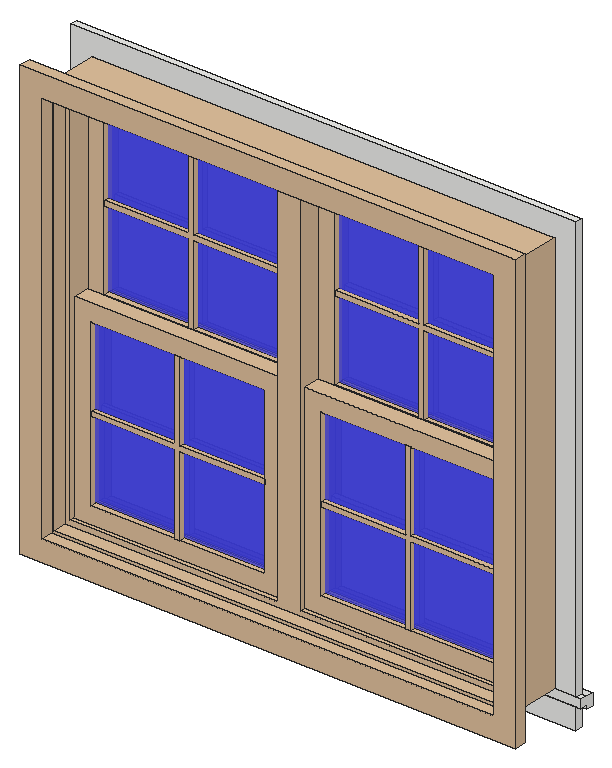
Revit family "633d05d5dc384c5d9b38a9e5c2119bdf", category Windows, host Wall, Revit 2021
Family settings
  Host = Wall
  OmniClass Number = 23.30.20.17.17.14
  OmniClass Title = Double-Hung Windows
  Always vertical = Yes
  Cut with Voids When Loaded = No
  Shared = No
  Room Calculation Point = No
Parameters (values of type "48" x 42"")
  Wall Thickness [instance] = 0' - 6"
  Window Inset [instance] = 0' - 0"
  Visual Light Transmittance = 0.81
  Top Muntin Visibility = yes
  Thermal Resistance (R) = 1.8146 (h·ft²·°F)/BTU
  Solar Heat Gain Coefficient = 0.76
  Muntin Width = 0.5 * (Width - 0' 6" - 0' 5 7/8")  # 1' - 6 1/16"
  Muntin Pattern = Muntin Pattern_2x2 : Muntin Pattern_2x2
  Muntin Height = 0.5 * (Height - 0' 6" - 0' 1 3/4")  # 1' - 5 1/8"
  Interior Wall Closure [instance] = 0' - 1 1/2"
  Interior Trim = Trim-Window-Interior-Flat : Picture Frame
  Rough Width = Width + 0' 0 1/2"  # 4' - 0 1/2"
  Rough Height = Height + 0' 0 1/2"  # 3' - 6 1/2"
  Interior Trim Material = Wood - Stained
  Indicator Visibility [instance] = yes
  Frame Extension [instance] = if(Exterior Trim Visibility, Window Inset + 0' 1 1/4", 0' 1 1/4")  # 0' - 1 1/4"
  Fire Rating = "0.5h"
  Exterior Wall Closure [instance] = 0' - 0 1/2"
  Exterior Trim Material = Clad - White
  Extension Jamb Visibility [instance] = and(Interior Trim Visibility, Wall Thickness - Window Inset > 0' 4 1/2")  # yes
  Interior Trim Visibility [instance] = yes
  Exterior Trim Visibility [instance] = yes
  Exterior Trim = Trim-Window-Exterior-Flat : with Sill
  Extension Jamb [instance] = if(Wall Thickness - Window Inset > 0' 4 1/2", Wall Thickness - Window Inset - 0' 4 1/2", 0' 1")  # 0' - 1 1/2"
  Define Thermal Properties by = Schematic Type
  Construction Type Id = "DG-DR"
  Heat Transfer Coefficient (U) = 0.5511 BTU/(h·ft²·°F)
  Bottom Muntin Visibility = yes
  Assembly Code = "B2020100"
  Glass Panel Material = Glass
  Height = 3' - 6"
  Exterior Frame Material = Clad - White
  Interior Frame Material = Wood - Stained
  Wall Closure = By host
  Width = 4' - 0"
  Analytic Construction = "Double glazing - domestic"
Reference planes (in)
  plane 1 "Center (Front/Back)": y = 0
  plane 2: z = 0
  plane 3 "Center (Left/Right)": x = 0
  plane 4 "Left": x = -24
  plane 5 "Right": x = 24
  plane 6 "Sill": z = 36
  plane 7 "Top": z = 78
  plane 8 "Wall Face": y = 3
  plane 9: y = -3
  plane 10 "Middle": z = 57
  plane 11: z = 76.75
  plane 12: z = 37.25
  plane 13: x = 22.75
  plane 14: x = -22.75
  plane 15: x = 21
  plane 16: x = -21
  plane 17: z = 39
  plane 18: z = 75
  plane 19 "Wall Closure": y = -1.5
  plane 20: z = 77.375
  plane 21 "Frame Face": y = 3.75
  plane 22 "Sash 2": y = -1
  plane 23 "Sash Face 1": y = 2.5
  plane 24 "Inset Face": y = 3
  plane 25 "Sash 1": y = 0.75
  plane 26 "Glass 1": y = 1.625
  plane 27: z = 57.875
  plane 28: z = 56.125
  plane 29 "Glass 2": y = -0.125
  plane 30: y = -1.5
  plane 31: x = -1.1875
  plane 32: x = 1.1875
  plane 33: x = 11.96875
  plane 34: x = -11.96875
  plane 35: z = 47.5625
  plane 36: x = -2.9375
  plane 37: x = 2.9375
  plane 38: z = 66.4375
  plane 39: y = -1.5
  plane 40: y = 2.5
  plane 41: y = 3.75
Forms (in)
  Extrusion 1, solid, material "Wood - Stained" <- "Interior Frame Material", visible <- "Extension Jamb Visibility"
    sketch origin (0, -0.25, 0) x (-1, 0, 0) y (0, 0, 1)
      loop
        line (24, 78) -> (-24, 78) -> (-24, 36) -> (24, 36) -> (24, 78)
      loop
        line (23.25, 77.25) -> (-23.25, 77.25) -> (-23.25, 36.75) -> (23.25, 36.75) -> (23.25, 77.25)
    from -2.75 to -1.25
  Sweep 2, solid, material "Wood - Stained" <- "Interior Frame Material"
    path origin (0, 2.5, 0) x (-1, 0, 0) y (0, 0, 1)
      loop
        line (-24, 36) -> (24, 36) -> (24, 78) -> (-24, 78) -> (-24, 36)
    profile origin (24, 2.5, 57) x (1, 0, 0) y (0, 1, 0)
      loop
        line (-1.25, 1.25) -> (-1.25, -4) -> (0, -4) -> (0, 1.25) -> (-1.25, 1.25)
  Sweep 3, solid, material "Wood - Stained" <- "Interior Frame Material"
    path origin (0, 2.5, 0) x (-1, 0, 0) y (0, 0, 1)
      loop
        line (-22.75, 56.125) -> (-1.1875, 56.125) -> (-1.1875, 76.75) -> (-22.75, 76.75) -> (-22.75, 56.125)
    profile origin (22.75, 2.5, 66.4375) x (1, 0, 0) y (0, 1, 0)
      loop
        line (0, 0) -> (-1.75, 0) -> (-1.75, -1.75) -> (0, -1.75) -> (0, 0)
  Sweep 4, solid, material "Wood - Stained" <- "Interior Frame Material"
    path origin (0, 0.75, 0) x (-1, 0, 0) y (0, 0, 1)
      loop
        line (-22.75, 37.25) -> (-1.1875, 37.25) -> (-1.1875, 57.875) -> (-22.75, 57.875) -> (-22.75, 37.25)
    profile origin (22.75, 0.75, 47.5625) x (1, 0, 0) y (0, 1, 0)
      loop
        line (0, 0) -> (-1.75, 0) -> (-1.75, -1.75) -> (0, -1.75) -> (0, 0)
  Extrusion 5, solid, material "Glass" <- "Glass Panel Material"
    sketch origin (0, 0, 36) x (0, -1, 0) y (1, 0, 0)
      loop
        line (-2, 2.9375) -> (-1.75, 2.9375) -> (-1.75, 21) -> (-2, 21) -> (-2, 2.9375)
      loop
        line (-1.5, 21) -> (-1.5, 2.9375) -> (-1.25, 2.9375) -> (-1.25, 21) -> (-1.5, 21)
    from 21.875 to 39
  Extrusion 6, solid, material "Glass" <- "Glass Panel Material"
    sketch origin (0, 0, 0) x (1, 0, 0) y (0, 1, 0)
      loop
        line (2.9375, 0.25) -> (2.9375, 0) -> (21, 0) -> (21, 0.25) -> (2.9375, 0.25)
      loop
        line (21, -0.25) -> (2.9375, -0.25) -> (2.9375, -0.5) -> (21, -0.5) -> (21, -0.25)
    from 39 to 56.125
  Extrusion 7, solid, material "Wood - Stained" <- "Interior Frame Material"
    sketch origin (0, 0, 0) x (1, 0, 0) y (0, 1, 0)
      loop
        line (-1.1875, 3.75) -> (-1.1875, -1.5) -> (1.1875, -1.5) -> (1.1875, 3.75) -> (-1.1875, 3.75)
    from 37.25 to 76.75
  Sweep 8, solid, material "Wood - Stained" <- "Interior Frame Material"
    path origin (0, 2.5, 0) x (1, 0, 0) y (0, 0, 1)
      loop
        line (-22.75, 56.125) -> (-1.1875, 56.125) -> (-1.1875, 76.75) -> (-22.75, 76.75) -> (-22.75, 56.125)
    profile origin (-22.75, 2.5, 66.4375) x (1, 0, 0) y (0, 1, 0)
      loop
        line (0, 0) -> (0, -1.75) -> (1.75, -1.75) -> (1.75, 0) -> (0, 0)
  Sweep 9, solid, material "Wood - Stained" <- "Interior Frame Material"
    path origin (0, 0.75, 0) x (1, 0, 0) y (0, 0, 1)
      loop
        line (-22.75, 37.25) -> (-1.1875, 37.25) -> (-1.1875, 57.875) -> (-22.75, 57.875) -> (-22.75, 37.25)
    profile origin (-22.75, 0.75, 47.5625) x (1, 0, 0) y (0, 1, 0)
      loop
        line (0, 0) -> (0, -1.75) -> (1.75, -1.75) -> (1.75, 0) -> (0, 0)
  Extrusion 10, solid, material "Glass" <- "Glass Panel Material"
    sketch origin (0, 0, 36) x (0, -1, 0) y (1, 0, 0)
      loop
        line (-2, -2.9375) -> (-2, -21) -> (-1.75, -21) -> (-1.75, -2.9375) -> (-2, -2.9375)
      loop
        line (-1.5, -21) -> (-1.25, -21) -> (-1.25, -2.9375) -> (-1.5, -2.9375) -> (-1.5, -21)
    from 21.875 to 39
  Extrusion 11, solid, material "Glass" <- "Glass Panel Material"
    sketch origin (0, 0, 0) x (-1, 0, 0) y (0, -1, 0)
      loop
        line (2.9375, -0.25) -> (21, -0.25) -> (21, 0) -> (2.9375, 0) -> (2.9375, -0.25)
      loop
        line (21, 0.25) -> (21, 0.5) -> (2.9375, 0.5) -> (2.9375, 0.25) -> (21, 0.25)
    from 39 to 56.125
Cuts and joins
  joined: Sweep 2, Extrusion 7
Lines and regions (in)
  Opening 1
    outline origin (-60, -3, 0) x (1, 0, 0) y (0, 0, 1)
      loop
        line (84, 78) -> (36, 78) -> (36, 36) -> (84, 36) -> (84, 78)
  Split face 1
    outline origin (2.9375, -1, 39) x (1, 0, 0) y (0, 1, 0)
      loop
        line (0, 1) -> (18.0625, 1)
  Split face 2
    outline origin (21, -1, 39) x (0, 0, 1) y (0, 1, 0)
      loop
        line (0, 1) -> (17.125, 1)
  Split face 3
    outline origin (2.9375, -1, 56.125) x (0, 0, -1) y (0, 1, 0)
      loop
        line (17.125, 1) -> (0, 1)
  Split face 4
    outline origin (21, -1, 56.125) x (0, 1, 0) y (-1, 0, 0)
      loop
        line (1, 0) -> (1, 18.0625)
  Split face 5
    outline origin (2.9375, 0.75, 57.875) x (1, 0, 0) y (0, 1, 0)
      loop
        line (18.0625, 0.75) -> (0, 0.75)
  Split face 6
    outline origin (2.9375, 0.75, 57.875) x (1, 0, 0) y (0, 1, 0)
      loop
        line (18.0625, 1) -> (0, 1)
  Split face 7
    outline origin (21, 0.75, 57.875) x (0, 0, 1) y (0, 1, 0)
      loop
        line (0, 1) -> (17.125, 1)
  Split face 8
    outline origin (2.9375, 0.75, 75) x (0, 0, -1) y (0, 1, 0)
      loop
        line (17.125, 1) -> (0, 1)
  Split face 9
    outline origin (21, 0.75, 75) x (0, 1, 0) y (-1, 0, 0)
      loop
        line (1, 0) -> (1, 18.0625)
  Split face 10
    outline origin (-2.9375, 0.75, 39) x (-1, 0, 0) y (0, -1, 0)
      loop
        line (0, 0.75) -> (18.0625, 0.75)
  Split face 11
    outline origin (-21, 0.75, 39) x (0, 0, 1) y (0, -1, 0)
      loop
        line (0, 0.75) -> (17.125, 0.75)
  Split face 12
    outline origin (-2.9375, 0.75, 56.125) x (0, 0, -1) y (0, -1, 0)
      loop
        line (17.125, 0.75) -> (0, 0.75)
  Split face 13
    outline origin (-21, 0.75, 56.125) x (0, -1, 0) y (1, 0, 0)
      loop
        line (0.75, 0) -> (0.75, 18.0625)
  Split face 14
    outline origin (-2.9375, 2.5, 57.875) x (-1, 0, 0) y (0, -1, 0)
      loop
        line (18.0625, 1) -> (0, 1)
  Split face 15
    outline origin (-2.9375, 2.5, 57.875) x (-1, 0, 0) y (0, -1, 0)
      loop
        line (18.0625, 0.75) -> (0, 0.75)
  Split face 16
    outline origin (-21, 2.5, 57.875) x (0, 0, 1) y (0, -1, 0)
      loop
        line (0, 0.75) -> (17.125, 0.75)
  Split face 17
    outline origin (-2.9375, 2.5, 75) x (0, 0, -1) y (0, -1, 0)
      loop
        line (17.125, 0.75) -> (0, 0.75)
  Split face 18
    outline origin (-21, 2.5, 75) x (0, -1, 0) y (1, 0, 0)
      loop
        line (0.75, 0) -> (0.75, 18.0625)
  Split face 19
    outline origin (22.75, -1.5, 37.25) x (0, 0, 1) y (0, 1, 0)
      loop
        line (39.5, 4) -> (18.875, 4) -> (18.875, 2.25) -> (0, 2.25)
  Split face 20
    outline origin (-1.1875, 3.75, 76.75) x (0, 0, -1) y (0, -1, 0)
      loop
        line (0, 1.25) -> (20.625, 1.25) -> (20.625, 3) -> (39.5, 3)
  Split face 21
    outline origin (1.1875, -1.5, 76.75) x (0, 0, -1) y (0, 1, 0)
      loop
        line (0, 4) -> (20.625, 4) -> (20.625, 2.25) -> (39.5, 2.25)
  Split face 22
    outline origin (-22.75, -1.5, 76.75) x (0, 0, -1) y (0, 1, 0)
      loop
        line (0, 4) -> (20.625, 4) -> (20.625, 2.25) -> (39.5, 2.25)
  Split face 23
    outline origin (-22.75, -1.5, 37.25) x (1, 0, 0) y (0, 1, 0)
      loop
        line (45.5, 2.25) -> (23.9375, 2.25)
      loop
        line (0, 2.25) -> (21.5625, 2.25)
  Split face 24
    outline origin (22.75, -1.5, 76.75) x (0, 1, 0) y (-1, 0, 0)
      loop
        line (4, 0) -> (4, 21.5625)
      loop
        line (4, 23.9375) -> (4, 45.5)
Text (in)
  text "EXTERIOR" at (-58.6888, 30.41546, 0), in view "Ref. Level"
  text "INTERIOR" at (-58.6888, -28.32711, 0), in view "Ref. Level"
  text "Exterior" at (0, 43.65631, 134.44969), in view "Left"
  text "Exterior" at (0, 18.29385, 125.04747), in view "Right"
Dimensions and locks (in)
  equal spacing: plane 4 "Left", plane 3 "Center (Left/Right)", plane 5 "Right"
  "Width": plane 4 "Left" to plane 5 "Right"
  equal spacing: plane 6 "Sill", plane 10 "Middle", plane 7 "Top"
  "Height": plane 7 "Top" to plane 6 "Sill"
  locked: plane 5 "Right" to plane 13 at 1.25
  locked: plane 14 to plane 4 "Left" at 1.25
  locked: plane 11 to plane 7 "Top" at 1.25
  locked: plane 6 "Sill" to plane 12 at 1.25
  locked: plane 15 to plane 13 at 1.75
  locked: plane 14 to plane 16 at 1.75
  locked: plane 18 to plane 11 at 1.75
  locked: plane 12 to plane 17 at 1.75
  "Wall Thickness": host wall to host wall
  locked: plane 7 "Top" to plane 20 at 0.625
  locked: plane 21 "Frame Face" to plane 8 "Wall Face" at 0.75
  locked: plane 23 "Sash Face 1" to plane 25 "Sash 1" at 1.75
  locked: plane 25 "Sash 1" to plane 22 "Sash 2" at 1.75
  equal spacing: plane 23 "Sash Face 1", plane 26 "Glass 1", plane 25 "Sash 1"
  equal spacing: plane 28, plane 10 "Middle", plane 27
  locked: plane 28 to plane 27 at 1.75
  locked: Extrusion 5 sketch curve to Extrusion 5 sketch curve at 0.25  (x3)
  equal spacing: Extrusion 5 sketch curve, plane 26 "Glass 1", Extrusion 5 sketch curve
  equal spacing: plane 25 "Sash 1", plane 29 "Glass 2", plane 22 "Sash 2"
  locked: Extrusion 6 sketch curve to Extrusion 6 sketch curve at 0.25  (x3)
  equal spacing: Extrusion 6 sketch curve, plane 29 "Glass 2", Extrusion 6 sketch curve
  locked: plane 22 "Sash 2" to plane 30 at 0.5
  "Extension Jamb": plane 19 "Wall Closure" to host wall
  equal spacing: plane 31, plane 3 "Center (Left/Right)", plane 32
  locked: plane 31 to plane 32 at 2.375
  locked: Extrusion 10 sketch curve to Extrusion 10 sketch curve at 0.25  (x2)
  Extrusion 10 sketch curve to Extrusion 10 sketch curve = 0' - 0 1/4"
  locked: Extrusion 11 sketch curve to Extrusion 11 sketch curve at 0.25  (x3)
  Extrusion 11 sketch curve to Extrusion 11 sketch curve = 0' - 0 1/4"
  equal spacing: Extrusion 10 sketch curve, plane 26 "Glass 1", Extrusion 10 sketch curve
  equal spacing: Extrusion 11 sketch curve, plane 29 "Glass 2", Split face 13
  locked: Extrusion 1 sketch curve to plane 7 "Top" at 0.75
  locked: Extrusion 1 sketch curve to plane 5 "Right" at 0.75
  locked: plane 6 "Sill" to Extrusion 1 sketch curve at 0.75
  locked: plane 4 "Left" to Extrusion 1 sketch curve at 0.75
  "Window Inset": plane 8 "Wall Face" to plane 24 "Inset Face"
  locked: plane 24 "Inset Face" to plane 23 "Sash Face 1" at 0.5
  equal spacing: plane 13, plane 33, plane 32
  equal spacing: plane 31, plane 34, plane 14
  equal spacing: plane 17, plane 35, plane 28
  locked: plane 31 to plane 36 at 1.75
  locked: plane 37 to plane 32 at 1.75
  equal spacing: plane 18, plane 38, plane 27
  "Interior Wall Closure": plane 39 to plane 9
  "Exterior Wall Closure": plane 8 "Wall Face" to plane 40
  "Frame Extension": plane 41 to plane 23 "Sash Face 1"
  aligned and locked: plane 9 to host wall
  aligned and locked: host wall to plane 8 "Wall Face"
  aligned and locked: Opening 1 sketch curve to plane 4 "Left"
  aligned and locked: Opening 1 sketch curve to plane 7 "Top"
  aligned and locked: plane 5 "Right" to Opening 1 sketch curve
  aligned and locked: Opening 1 sketch curve to plane 6 "Sill"
  aligned and locked: Extrusion 1 sketch curve to plane 7 "Top"
  aligned and locked: Extrusion 1 sketch curve to plane 4 "Left"
  aligned and locked: plane 5 "Right" to Extrusion 1 sketch curve
  aligned and locked: Extrusion 1 sketch curve to plane 6 "Sill"
  aligned and locked: Extrusion 1 to plane 19 "Wall Closure"
  aligned and locked: Sweep 2 sketch curve to host wall  (x3)
  aligned and locked: plane 5 "Right" to Sweep 2 sketch curve
  aligned and locked: plane 13 to Sweep 2 sketch curve
  aligned and locked: Sweep 3 sketch curve to plane 13
  aligned and locked: Sweep 3 sketch curve to plane 11
  aligned and locked: Sweep 3 sketch curve to plane 25 "Sash 1"
  aligned and locked: plane 28 to Sweep 3 sketch curve
  aligned and locked: Sweep 4 sketch curve to plane 27
  aligned and locked: Sweep 4 sketch curve to plane 13
  aligned and locked: plane 12 to Sweep 4 sketch curve
  aligned and locked: profile plane to Sweep 4 sketch curve
  aligned and locked: Sweep 4 sketch curve to profile plane
  aligned and locked: Sweep 4 sketch curve to plane 22 "Sash 2"
  aligned and locked: plane 15 to Sweep 4 sketch curve
  aligned and locked: plane 18 to Extrusion 5
  aligned and locked: plane 15 to Extrusion 6 sketch curve
  aligned and locked: Extrusion 6 sketch curve to plane 15
  aligned and locked: Extrusion 6 to plane 17
  aligned and locked: plane 28 to Extrusion 6
  aligned and locked: Extrusion 6 to Split face 1 sketch curve
  aligned and locked: Split face 2 sketch curve to Extrusion 6
  aligned and locked: Split face 3 sketch curve to Extrusion 6
  aligned and locked: Split face 4 sketch curve to Extrusion 6
  aligned and locked: plane 15 to Sweep 3 sketch curve
  aligned and locked: Extrusion 5 to plane 27
  aligned and locked: plane 15 to Extrusion 5 sketch curve
  aligned and locked: Extrusion 5 sketch curve to plane 15
  aligned and locked: Split face 6 sketch curve to Extrusion 5
  aligned and locked: Split face 7 sketch curve to Extrusion 5
  aligned and locked: Split face 8 sketch curve to Extrusion 5
  aligned and locked: Split face 9 sketch curve to Extrusion 5
  aligned and locked: Sweep 2 sketch curve to plane 30
  aligned and locked: Extrusion 1 to plane 9
  aligned and locked: nested 1 to plane 26 "Glass 1"
  aligned and locked: nested 2 to plane 29 "Glass 2"
  aligned and locked: nested 3 to plane 8 "Wall Face"
  aligned and locked: nested 3 to plane 4 "Left"
  aligned and locked: nested 3 to plane 5 "Right"
  aligned and locked: Extrusion 7 sketch curve to plane 31
  aligned and locked: plane 32 to Extrusion 7 sketch curve
  aligned and locked: plane 32 to Sweep 3 sketch curve
  aligned and locked: plane 32 to Sweep 4 sketch curve
  aligned and locked: Sweep 9 sketch curve to profile plane
  aligned and locked: Sweep 8 sketch curve to plane 28
  aligned and locked: plane 31 to Sweep 8 sketch curve
  aligned and locked: plane 11 to Sweep 8 sketch curve
  aligned and locked: Sweep 8 sketch curve to plane 14
  aligned and locked: plane 16 to Sweep 8 sketch curve
  aligned and locked: plane 14 to Sweep 8 sketch curve
  aligned and locked: Sweep 8 sketch curve to plane 23 "Sash Face 1"
  aligned and locked: plane 25 "Sash 1" to Sweep 8 sketch curve
  aligned and locked: plane 31 to Sweep 9 sketch curve
  aligned and locked: Sweep 9 sketch curve to plane 14
  aligned and locked: Sweep 9 sketch curve to plane 12
  aligned and locked: plane 27 to Sweep 9 sketch curve
  aligned and locked: plane 16 to Sweep 9 sketch curve
  aligned and locked: Sweep 9 sketch curve to Sweep 8
  aligned and locked: plane 22 "Sash 2" to Sweep 9 sketch curve
  aligned and locked: plane 16 to Extrusion 10 sketch curve
  aligned and locked: Extrusion 10 sketch curve to plane 16
  aligned and locked: plane 16 to Extrusion 11 sketch curve
  aligned and locked: Extrusion 11 sketch curve to plane 16
  aligned and locked: plane 26 "Glass 1" to nested 4
  aligned and locked: plane 29 "Glass 2" to nested 5
  aligned and locked: Extrusion 10 to plane 18
  aligned and locked: Extrusion 10 to plane 27
  aligned and locked: plane 17 to Extrusion 11
  aligned and locked: plane 28 to Extrusion 11
  aligned and locked: Extrusion 7 sketch curve to plane 30
  aligned and locked: Extrusion 10 sketch curve to Sweep 8
  aligned and locked: Sweep 8 to Extrusion 10 sketch curve
  aligned and locked: Sweep 3 to Extrusion 5 sketch curve
  aligned and locked: Extrusion 5 sketch curve to Sweep 3
  aligned and locked: Sweep 4 to Extrusion 6 sketch curve
  aligned and locked: Extrusion 6 sketch curve to Sweep 4
  aligned and locked: Extrusion 11 sketch curve to Sweep 9
  aligned and locked: Sweep 9 to Extrusion 11 sketch curve
  aligned and locked: plane 11 to cut or joined group of Sweep 2, Extrusion 7
  aligned and locked: cut or joined group of Sweep 2, Extrusion 7 to plane 12
  aligned and locked: plane 23 "Sash Face 1" to Split face 19 sketch curve
  aligned and locked: Split face 19 sketch curve to plane 28
  aligned and locked: plane 25 "Sash 1" to Split face 19 sketch curve
  aligned and locked: plane 25 "Sash 1" to Split face 20 sketch curve
  aligned and locked: Split face 20 sketch curve to plane 28
  aligned and locked: plane 23 "Sash Face 1" to Split face 20 sketch curve
  aligned and locked: Split face 21 sketch curve to plane 25 "Sash 1"
  aligned and locked: plane 28 to Split face 21 sketch curve
  aligned and locked: Split face 21 sketch curve to plane 23 "Sash Face 1"
  aligned and locked: Split face 22 sketch curve to plane 25 "Sash 1"
  aligned and locked: plane 28 to Split face 22 sketch curve
  aligned and locked: Split face 22 sketch curve to plane 23 "Sash Face 1"
  aligned and locked: Split face 23 sketch curve to plane 25 "Sash 1"  (x2)
  aligned and locked: plane 23 "Sash Face 1" to Split face 24 sketch curve
  aligned and locked: Split face 24 sketch curve to plane 23 "Sash Face 1"
  aligned and locked: plane 33 to nested 6
  aligned and locked: plane 35 to nested 6
  aligned and locked: plane 34 to nested 7
  aligned and locked: plane 35 to nested 7
  aligned and locked: nested 3 to plane 7 "Top"
  aligned and locked: nested 4 to plane 27
  aligned and locked: plane 27 to nested 1
  aligned and locked: nested 2 to plane 17
  aligned and locked: nested 5 to plane 17
  aligned and locked: plane 28 to nested 2
  aligned and locked: nested 2 to plane 15
  aligned and locked: plane 37 to nested 2
  aligned and locked: nested 5 to plane 28
  aligned and locked: plane 36 to nested 5
  aligned and locked: nested 5 to plane 16
  aligned and locked: nested 4 to plane 18
  aligned and locked: plane 36 to nested 4
  aligned and locked: nested 4 to plane 16
  aligned and locked: plane 18 to nested 1
  aligned and locked: plane 37 to nested 1
  aligned and locked: nested 1 to plane 15
  aligned and locked: nested 9 to plane 7 "Top"
  aligned and locked: plane 3 "Center (Left/Right)" to nested 9
  aligned and locked: nested 8 to plane 7 "Top"
  aligned and locked: nested 8 to plane 3 "Center (Left/Right)"
  aligned and locked: Sweep 2 sketch curve to plane 41
  aligned and locked: plane 41 to Extrusion 7 sketch curve
Automatic sketch dimensions
  Sweep 3 sketch curve to profile plane = 0' - 0"
  plane 23 "Sash Face 1" to Sweep 3 sketch curve = 0' - 0"
  Split face 1 sketch curve to Sweep 4 = 0' - 0"  (x2)
  Split face 2 sketch curve to Sweep 4 = 0' - 0"
  Sweep 4 to Split face 2 sketch curve = 0' - 0"
  Sweep 4 to Split face 3 sketch curve = 0' - 0"
  Split face 3 sketch curve to Sweep 4 = 0' - 0"
  Split face 4 sketch curve to Sweep 4 = 0' - 0"  (x2)
  Split face 5 sketch curve to Sweep 3 = 0' - 0"  (x2)
  Split face 5 sketch curve to Sweep 3 = 0' - 0 3/4"
  Split face 6 sketch curve to Sweep 3 = 0' - 0"  (x2)
  Split face 7 sketch curve to Sweep 3 = 0' - 0"
  Sweep 3 to Split face 7 sketch curve = 0' - 0"
  Sweep 3 to Split face 8 sketch curve = 0' - 0"
  Split face 8 sketch curve to Sweep 3 = 0' - 0"
  Split face 9 sketch curve to Sweep 3 = 0' - 0"  (x2)
  Split face 10 sketch curve to Sweep 9 = 0' - 0"  (x2)
  Split face 10 sketch curve to Sweep 9 = 0' - 0 3/4"
  Split face 11 sketch curve to Sweep 9 = 0' - 0"
  Sweep 9 to Split face 11 sketch curve = 0' - 0"
  Split face 11 sketch curve to Sweep 9 = 0' - 0 3/4"
  Sweep 9 to Split face 12 sketch curve = 0' - 0"
  Split face 12 sketch curve to Sweep 9 = 0' - 0"
  Split face 12 sketch curve to Sweep 9 = 0' - 0 3/4"
  Split face 13 sketch curve to Sweep 9 = 0' - 0"  (x2)
  Split face 13 sketch curve to Sweep 9 = 0' - 0 3/4"
  Split face 14 sketch curve to Sweep 8 = 0' - 0"  (x2)
  Split face 14 sketch curve to Sweep 8 = 0' - 0 3/4"
  Split face 15 sketch curve to Sweep 8 = 0' - 0"  (x2)
  Split face 15 sketch curve to Sweep 8 = 0' - 0 3/4"
  Split face 16 sketch curve to Sweep 8 = 0' - 0"
  Sweep 8 to Split face 16 sketch curve = 0' - 0"
  Split face 16 sketch curve to Sweep 8 = 0' - 0 3/4"
  Sweep 8 to Split face 17 sketch curve = 0' - 0"
  Split face 17 sketch curve to Sweep 8 = 0' - 0"
  Split face 17 sketch curve to Sweep 8 = 0' - 0 3/4"
  Split face 18 sketch curve to Sweep 8 = 0' - 0"  (x2)
  Split face 18 sketch curve to Sweep 8 = 0' - 0 3/4"
  Extrusion 10 sketch curve to plane 26 "Glass 1" = 0' - 0 1/8"
  Split face 19 sketch curve to cut or joined group of Sweep 2, Extrusion 7 = 0' - 0"
  cut or joined group of Sweep 2, Extrusion 7 to Split face 19 sketch curve = 0' - 0"
  cut or joined group of Sweep 2, Extrusion 7 to Split face 20 sketch curve = 0' - 0"
  Split face 20 sketch curve to cut or joined group of Sweep 2, Extrusion 7 = 0' - 0"
  cut or joined group of Sweep 2, Extrusion 7 to Split face 21 sketch curve = 0' - 0"
  Split face 21 sketch curve to cut or joined group of Sweep 2, Extrusion 7 = 0' - 0"
  cut or joined group of Sweep 2, Extrusion 7 to Split face 22 sketch curve = 0' - 0"
  Split face 22 sketch curve to cut or joined group of Sweep 2, Extrusion 7 = 0' - 0"
  Split face 23 sketch curve to cut or joined group of Sweep 2, Extrusion 7 = 0' - 0"  (x4)
  Split face 24 sketch curve to cut or joined group of Sweep 2, Extrusion 7 = 0' - 0"  (x4)
  Sweep 2 sketch curve to plane 7 "Top" = 0' - 0"
Nested families (in)
  nested 1: "Muntin Pattern_2x2" at (11.96875, 1.625, 57.875), Exterior Material <- "Exterior Frame Material", Interior Material <- "Interior Frame Material", type <- "Muntin Pattern", visible <- "Top Muntin Visibility", type "Muntin Pattern_2x2"
    with Width 1' - 6 1/16", Interior Material Wood - Stained, Height 1' - 5 1/8", Exterior Material Clad - White
  nested 2: "Muntin Pattern_2x2" at (11.96875, -0.125, 39), Exterior Material <- "Exterior Frame Material", Interior Material <- "Interior Frame Material", type <- "Muntin Pattern", visible <- "Bottom Muntin Visibility", type "Muntin Pattern_2x2"
    with Width 1' - 6 1/16", Interior Material Wood - Stained, Height 1' - 5 1/8", Exterior Material Clad - White
  nested 3: "Plan-Single-Hung-Double" at (0, 3, 36), Window Inset <- "Window Inset", Width <- "Width", Height <- "Height", Wall Thickness <- "Wall Thickness", type "Plan-Single-Hung-Double"
    with Window Inset of 3D 0' - 0 1/2", Window Inset 0' - 0", Width 4' - 0", Wall Thickness 0' - 6", Height 3' - 6"
  nested 4: "Muntin Pattern_2x2" at (-11.96875, 1.625, 57.875) x (-1, 0, 0) z (0, 0, 1), Exterior Material <- "Exterior Frame Material", Interior Material <- "Interior Frame Material", type <- "Muntin Pattern", visible <- "Top Muntin Visibility", type "Muntin Pattern_2x2"
    with Width 1' - 6 1/16", Interior Material Wood - Stained, Height 1' - 5 1/8", Exterior Material Clad - White
  nested 5: "Muntin Pattern_2x2" at (-11.96875, -0.125, 39) x (-1, 0, 0) z (0, 0, 1), Exterior Material <- "Exterior Frame Material", Interior Material <- "Interior Frame Material", type <- "Muntin Pattern", visible <- "Bottom Muntin Visibility", type "Muntin Pattern_2x2"
    with Width 1' - 6 1/16", Interior Material Wood - Stained, Height 1' - 5 1/8", Exterior Material Clad - White
  nested 6: "Filled Arrow" at (11.96875, 0.75, 47.5625) x (0, 0, 1) z (0, 1, 0), visible <- "Indicator Visibility", type "Filled Arrow"
  nested 7: "Filled Arrow" at (-11.96875, 0.75, 47.5625) x (0, 0, 1) z (0, 1, 0), visible <- "Indicator Visibility", type "Filled Arrow"
  nested 8: "Trim-Window-Exterior-Flat" at (0, 3, 78) x (-1, 0, 0) z (0, 1, 0), visible <- "Exterior Trim Visibility", Trim Material <- "Exterior Trim Material", Opening Width <- "Width", Opening Height <- "Height", type <- "Exterior Trim", type "with Sill"
    with Trim Material Clad - White, Opening Width 4' - 0", Opening Height 3' - 6"
  nested 9: "Trim-Window-Interior-Flat" at (0, -3, 78) x (1, 0, 0) z (0, -1, 0), visible <- "Interior Trim Visibility", Trim Material <- "Interior Trim Material", Opening Width <- "Width", Opening Height <- "Height", type <- "Interior Trim", type "Picture Frame"
    with Trim Material Wood - Stained, Opening Width 4' - 0", Opening Height 3' - 6"
Definition of nested family "Muntin Pattern_2x2"
  Parameters (values of type "Muntin Pattern_2x2")
    Width [instance] = 4' - 0"
    Thickness = 0' - 0 1/2"
    Height [instance] = 4' - 0"
    Interior Material [instance] = none
    Exterior Material [instance] = none
    Distance = 0' - 0 3/4"
    Default Elevation = 0' - 0"
  Reference planes (in)
    plane 1 "Center (Front/Back)": y = 0
    plane 2: z = 0
    plane 3 "Center (Left/Right)": x = 0
    plane 4: z = 48
    plane 5: x = -24
    plane 6: x = 24
    plane 7: z = 24
    plane 8: y = 0.375
    plane 9: y = 0.875
    plane 10: y = -0.375
    plane 11: y = -0.875
  Forms (in)
    Extrusion 1, solid, material <- "Interior Material", detail levels fine
      sketch origin (0, 0, 0) x (1, 0, 0) y (0, 0, 1)
        loop
          line (-24, 24.25) -> (-24, 23.75) -> (-0.25, 23.75) -> (-0.25, 0) -> (0.25, 0) -> (0.25, 23.75) -> (24, 23.75) -> (24, 24.25) -> (0.25, 24.25) -> (0.25, 48) -> (-0.25, 48) -> (-0.25, 24.25) -> (-24, 24.25)
      from 0.375 to 0.875
    Extrusion 2, solid, material <- "Exterior Material", detail levels fine
      sketch origin (0, 0, 0) x (1, 0, 0) y (0, 0, -1)
        loop
          line (-24, -24.25) -> (-0.25, -24.25) -> (-0.25, -48) -> (0.25, -48) -> (0.25, -24.25) -> (24, -24.25) -> (24, -23.75) -> (0.25, -23.75) -> (0.25, 0) -> (-0.25, 0) -> (-0.25, -23.75) -> (-24, -23.75) -> (-24, -24.25)
      from 0.375 to 0.875
  Lines and regions (in)
    model lines, detail levels medium
      curve 1: line (0, 0.375, 48) -> (0, 0.375, 0)
      curve 2: line (-24, -0.375, 24) -> (24, -0.375, 24)
      curve 3: line (-24, 0.375, 24) -> (24, 0.375, 24)
      curve 4: line (0, -0.375, 48) -> (0, -0.375, 0)
  Dimensions and locks (in)
    equal spacing: plane 6, plane 3 "Center (Left/Right)", plane 5
    "Width": plane 6 to plane 5
    "Height": plane 4 to plane 2
    equal spacing: plane 4, plane 7, plane 2
    locked: plane 3 "Center (Left/Right)" to Extrusion 1 sketch curve at 0.25  (x4)
    locked: Extrusion 1 sketch curve to plane 7 at 0.25  (x2)
    locked: plane 7 to Extrusion 1 sketch curve at 0.25  (x2)
    "Thickness": plane 9 to plane 8
    "Thickness": plane 10 to plane 11
    "Distance": plane 8 to plane 10
    equal spacing: plane 8, plane 1 "Center (Front/Back)", plane 10
    aligned and locked: plane 2 to level
    aligned and locked: plane 4 to curve 1
    aligned and locked: plane 5 to curve 2
    aligned and locked: plane 2 to curve 1
    aligned and locked: plane 6 to curve 2
    aligned and locked: Extrusion 1 sketch curve to plane 4
    aligned and locked: Extrusion 1 sketch curve to plane 6
    aligned and locked: Extrusion 1 sketch curve to plane 5
    aligned and locked: Extrusion 1 sketch curve to level
    aligned and locked: Extrusion 1 to plane 11
    aligned and locked: plane 10 to Extrusion 1
    aligned and locked: Extrusion 2 to plane 5
    aligned and locked: plane 6 to Extrusion 2
    aligned and locked: Extrusion 2 to plane 8
    aligned and locked: plane 9 to Extrusion 2
    aligned and locked: Extrusion 2 to plane 2
    aligned and locked: plane 4 to Extrusion 2
    aligned and locked: plane 5 to curve 3
    aligned and locked: plane 6 to curve 3
    aligned and locked: plane 4 to curve 4
    aligned and locked: plane 2 to curve 4
    aligned and locked: plane 8 to curve 3
  Automatic sketch dimensions
    curve 2 to plane 7 = 0' - 0"
    Extrusion 2 sketch curve to plane 5 = 0' - 0"
    Extrusion 2 sketch curve to level = 0' - 0"
    Extrusion 2 sketch curve to plane 4 = 0' - 0"
    Extrusion 2 sketch curve to plane 6 = 0' - 0"
    Extrusion 2 sketch curve to plane 3 "Center (Left/Right)" = 0' - 0 1/4"  (x2)
    plane 3 "Center (Left/Right)" to Extrusion 2 sketch curve = 0' - 0 1/4"  (x2)
    plane 7 to Extrusion 2 sketch curve = 0' - 0 1/4"  (x2)
    Extrusion 2 sketch curve to plane 7 = 0' - 0 1/4"  (x2)
    curve 4 to plane 3 "Center (Left/Right)" = 0' - 0"
    curve 4 to level = 0' - 0"
    curve 4 to plane 4 = 0' - 0"
    curve 3 to plane 6 = 0' - 0"
    curve 1 to plane 3 "Center (Left/Right)" = 0' - 0"
    curve 3 to plane 5 = 0' - 0"
    curve 3 to plane 7 = 0' - 0"
Definition of nested family "Trim-Window-Exterior-Flat"
  Parameters (values of type "with Sill")
    Trim Width = 0' - 2 1/4"
    Trim Thickness_Picture Frame = 0' - 1 1/4"
    Trim Thickness_with Sill = 0' - 0 3/4"
    Trim Material [instance] = none
    Sill Thickness = 0' - 1 1/4"
    Sill = yes
    Picture Frame = no
    Opening Width [instance] = 2' - 0"
    Opening Height [instance] = 3' - 0"
    Default Elevation = 4' - 0"
  Types (2): name | Sill | Picture Frame
    with Sill | yes | no
    Picture Frame | no | yes
  Reference planes (in)
    plane 1 "Center (Front/Back)": y = 0
    plane 2: z = 0
    plane 3 "Center (Left/Right)": x = 0
    plane 4: y = 2.25
    plane 5 "Left": x = -12
    plane 6 "Right": x = 12
    plane 7 "Bottom": y = -36
    plane 8: y = -37.25
    plane 9: y = -39.12332
    plane 10: x = 14.25
    plane 11: x = -14.25
    plane 12: z = 0.75
    plane 13: z = 1.25
    plane 14: x = 14.75
    plane 15: x = -14.75
    plane 16: y = -36.87332
    plane 17: y = -38.25
    plane 18: z = 0.5
    plane 19: y = -18
    plane 20: z = 1.5
  Forms (in)
    Extrusion 1, solid
      sketch origin (0, 0, 0) x (1, 0, 0) y (0, 1, 0)
        loop
          line (-14.25, 2.25) -> (-14.25, -39.12332) -> (14.25, -39.12332) -> (14.25, 2.25) -> (-14.25, 2.25)
      from 0 to -12
    Extrusion 2, solid, material <- "Trim Material", visible <- "Sill"
      sketch origin (0, 0, 0) x (1, 0, 0) y (0, 1, 0)
        loop
          line (-14.25, -36) -> (-12, -36) -> (-12, 0) -> (12, 0) -> (12, -36) -> (14.25, -36) -> (14.25, 2.25) -> (-14.25, 2.25) -> (-14.25, -36)
      from 0 to 0.75
    Extrusion 3, solid, material <- "Trim Material", visible <- "Sill"
      sketch origin (0, 0, 0) x (0, 1, 0) y (0, 0, 1)
        loop
          line (-36.09677, 1.5) -> (-37.25, 1.5) -> (-37.25, 0.75) -> (-36.87332, 0.75) -> (-36.87332, 0) -> (-36, 0) -> (-36, 0.75) -> (-36.09677, 1.5)
      from -14.75 to 14.75
    Extrusion 4, solid, material <- "Trim Material", visible <- "Sill"
      sketch origin (0, 0, 0) x (1, 0, 0) y (0, 1, 0)
        loop
          line (-14.25, -36.87332) -> (-14.25, -39.12332) -> (14.25, -39.12332) -> (14.25, -36.87332) -> (-14.25, -36.87332)
      from 0 to 0.75
    Extrusion 5, solid, material <- "Trim Material", visible <- "Picture Frame"
      sketch origin (0, 0, 0) x (1, 0, 0) y (0, 1, 0)
        loop
          line (-12, 0) -> (-12, -36) -> (12, -36) -> (12, 0) -> (-12, 0)
        loop
          line (-14.25, 2.25) -> (-14.25, -38.25) -> (14.25, -38.25) -> (14.25, 2.25) -> (-14.25, 2.25)
      from 0 to 1.25
  Dimensions and locks (in)
    equal spacing: plane 5 "Left", plane 3 "Center (Left/Right)", plane 6 "Right"
    "Opening Width": plane 5 "Left" to plane 6 "Right"
    "Opening Height": plane 7 "Bottom" to plane 1 "Center (Front/Back)"
    "Sill Thickness": plane 7 "Bottom" to plane 8
    "Trim Width": plane 11 to plane 5 "Left"
    "Trim Width": plane 6 "Right" to plane 10
    "Trim Width": plane 1 "Center (Front/Back)" to plane 4
    locked: plane 15 to plane 11 at 0.5
    locked: plane 10 to plane 14 at 0.5
    locked: plane 16 to plane 8 at 0.37668
    "Trim Width": plane 9 to plane 16
    "Trim Width": plane 17 to plane 7 "Bottom"
    locked: plane 18 to plane 2 at 0.5
    equal spacing: plane 7 "Bottom", plane 19, plane 1 "Center (Front/Back)"
    locked: plane 20 to plane 12 at 0.75
    "Trim Thickness_with Sill": plane 12 to plane 2
    "Trim Thickness_Picture Frame": plane 13 to plane 2
    aligned and locked: plane 2 to Extrusion 1
    aligned and locked: level to Extrusion 1
    aligned and locked: Extrusion 2 sketch curve to plane 5 "Left"
    aligned and locked: Extrusion 2 sketch curve to plane 11
    aligned and locked: plane 7 "Bottom" to Extrusion 2 sketch curve  (x2)
    aligned and locked: plane 1 "Center (Front/Back)" to Extrusion 2 sketch curve
    aligned and locked: plane 10 to Extrusion 2 sketch curve
    aligned and locked: Extrusion 2 sketch curve to plane 6 "Right"
    aligned and locked: plane 12 to Extrusion 2
    aligned and locked: Extrusion 3 sketch curve to level
    aligned and locked: plane 7 "Bottom" to Extrusion 3 sketch curve
    aligned and locked: Extrusion 3 sketch curve to plane 8
    aligned and locked: plane 15 to Extrusion 3
    aligned and locked: Extrusion 3 to plane 14
    aligned and locked: plane 10 to Extrusion 4 sketch curve
    aligned and locked: Extrusion 4 sketch curve to plane 11
    aligned and locked: plane 16 to Extrusion 4 sketch curve
    aligned and locked: plane 9 to Extrusion 4 sketch curve
    aligned and locked: Extrusion 4 to Extrusion 2
    aligned and locked: Extrusion 2 sketch curve to plane 4
    aligned and locked: plane 1 "Center (Front/Back)" to Extrusion 5 sketch curve
    aligned and locked: Extrusion 5 sketch curve to plane 4
    aligned and locked: Extrusion 5 sketch curve to plane 17
    aligned and locked: plane 7 "Bottom" to Extrusion 5 sketch curve
    aligned and locked: Extrusion 5 sketch curve to plane 6 "Right"
    aligned and locked: plane 10 to Extrusion 5 sketch curve
    aligned and locked: Extrusion 5 sketch curve to plane 5 "Left"
    aligned and locked: Extrusion 5 sketch curve to plane 11
    aligned and locked: plane 13 to Extrusion 5
    aligned and locked: plane 20 to Extrusion 3
  Automatic sketch dimensions
    Extrusion 1 sketch curve to Extrusion 1 sketch curve = 2' - 4 1/2"
    Extrusion 1 sketch curve to Extrusion 1 sketch curve = 3' - 5.37332"
    Extrusion 3 sketch curve to plane 16 = 0' - 0"
    Extrusion 3 sketch curve to plane 12 = 0' - 0"  (x2)
    Extrusion 3 sketch curve to plane 7 "Bottom" = 0' - 0.09677"
    plane 13 to Extrusion 3 sketch curve = 0' - 0 1/4"
Definition of nested family "Trim-Window-Interior-Flat"
  Parameters (values of type "with Sill")
    Trim Thickness_Picture Frame = 0' - 1 1/4"
    Trim Width = 0' - 2 1/4"
    Trim Thickness_with Sill = 0' - 0 3/4"
    Trim Material [instance] = none
    Sill Thickness = 0' - 1 1/4"
    Sill = yes
    Picture Frame = no
    Opening Width [instance] = 2' - 0"
    Opening Height [instance] = 3' - 0"
    Default Elevation = 4' - 0"
  Types (2): name | Sill | Picture Frame
    with Sill | yes | no
    Picture Frame | no | yes
  Reference planes (in)
    plane 1 "Center (Front/Back)": y = 0
    plane 2: z = 0
    plane 3 "Center (Left/Right)": x = 0
    plane 4: y = 1.75
    plane 5 "Left": x = -12
    plane 6 "Right": x = 12
    plane 7 "Bottom": y = -36
    plane 8: y = -37.25
    plane 9: y = -39.12332
    plane 10: x = 13.75
    plane 11: x = -13.75
    plane 12: z = 0.75
    plane 13: z = 1.25
    plane 14: x = 14.25
    plane 15: x = -14.25
    plane 16: y = -36.87332
    plane 17: y = -37.75
    plane 18: z = 0.5
    plane 19: x = -11.5
    plane 20: y = -0.5
    plane 21: x = 11.5
    plane 22: y = -35.5
    plane 23: x = -13.25
    plane 24: x = 13.25
    plane 25: y = -18
  Forms (in)
    Extrusion 1, solid
      sketch origin (0, 0, 0) x (1, 0, 0) y (0, 1, 0)
        loop
          line (-13.75, 1.75) -> (-13.75, -37.75) -> (13.75, -37.75) -> (13.75, 1.75) -> (-13.75, 1.75)
      from 0 to -12
    Extrusion 2, solid, material <- "Trim Material", visible <- "Sill"
      sketch origin (0, 0, 0) x (1, 0, 0) y (0, 1, 0)
        loop
          line (-13.25, -36) -> (-11.5, -36) -> (-11.5, 0) -> (11.5, 0) -> (11.5, -36) -> (13.25, -36) -> (13.25, 1.75) -> (-13.25, 1.75) -> (-13.25, -36)
      from 0 to 0.75
    Extrusion 3, solid, material <- "Trim Material", visible <- "Sill"
      sketch origin (0, 0, 0) x (0, 1, 0) y (0, 0, 1)
        loop
          line (-36.5, 1.5) -> (-36.87332, 1.5) -> (-36.87332, 0) -> (-36, 0) -> (-36, 1)
          arc (-36, 1) -> (-36.14645, 1.35355) -> (-36.5, 1.5) r 0.5
      from -13.75 to 13.75
    Extrusion 4, solid, material <- "Trim Material", visible <- "Sill"
      sketch origin (0, 0, 0) x (1, 0, 0) y (0, 1, 0)
        loop
          line (-13.25, -36.87332) -> (-13.25, -39.12332) -> (13.25, -39.12332) -> (13.25, -36.87332) -> (-13.25, -36.87332)
      from 0 to 0.75
    Extrusion 5, solid, material <- "Trim Material", visible <- "Picture Frame"
      sketch origin (0, 0, 0) x (1, 0, 0) y (0, 1, 0)
        loop
          line (-11.5, -0.5) -> (-11.5, -35.5) -> (11.5, -35.5) -> (11.5, -0.5) -> (-11.5, -0.5)
        loop
          line (-13.75, 1.75) -> (-13.75, -37.75) -> (13.75, -37.75) -> (13.75, 1.75) -> (-13.75, 1.75)
      from 0 to 1.25
  Dimensions and locks (in)
    equal spacing: plane 5 "Left", plane 3 "Center (Left/Right)", plane 6 "Right"
    "Opening Width": plane 5 "Left" to plane 6 "Right"
    "Opening Height": plane 7 "Bottom" to plane 1 "Center (Front/Back)"
    "Sill Thickness": plane 7 "Bottom" to plane 8
    "Trim Width": plane 11 to plane 19
    "Trim Width": plane 21 to plane 10
    "Trim Width": plane 20 to plane 4
    "Trim Thickness_with Sill": plane 12 to plane 2
    locked: plane 15 to plane 11 at 0.5
    locked: plane 10 to plane 14 at 0.5
    locked: plane 16 to plane 8 at 0.37668
    "Trim Width": plane 9 to plane 16
    "Trim Width": plane 17 to plane 22
    plane 20 to plane 1 "Center (Front/Back)" = 0' - 0 1/2"
    plane 5 "Left" to plane 19 = 0' - 0 1/2"
    plane 21 to plane 6 "Right" = 0' - 0 1/2"
    plane 22 to plane 7 "Bottom" = 0' - 0 1/2"
    locked: plane 11 to plane 23 at 0.5
    locked: plane 24 to plane 10 at 0.5
    equal spacing: plane 7 "Bottom", plane 25, plane 1 "Center (Front/Back)"
    "Trim Thickness_Picture Frame": plane 13 to plane 2
    locked: Extrusion 3 to plane 12 at 0.75
    locked: plane 12 to Extrusion 3 sketch curve at 0.75
    radius of Extrusion 3 sketch curve = 0' - 0 1/2"
    aligned and locked: plane 2 to Extrusion 1
    aligned and locked: level to Extrusion 1
    aligned and locked: plane 7 "Bottom" to Extrusion 2 sketch curve  (x2)
    aligned and locked: plane 1 "Center (Front/Back)" to Extrusion 2 sketch curve
    aligned and locked: plane 12 to Extrusion 2
    aligned and locked: Extrusion 3 sketch curve to level
    aligned and locked: plane 7 "Bottom" to Extrusion 3 sketch curve
    aligned and locked: plane 16 to Extrusion 4 sketch curve
    aligned and locked: plane 9 to Extrusion 4 sketch curve
    aligned and locked: Extrusion 2 sketch curve to plane 4
    aligned and locked: Extrusion 5 sketch curve to plane 4
    aligned and locked: Extrusion 5 sketch curve to plane 17
    aligned and locked: plane 10 to Extrusion 5 sketch curve
    aligned and locked: Extrusion 5 sketch curve to plane 11
    aligned and locked: plane 13 to Extrusion 5
    aligned and locked: Extrusion 5 sketch curve to plane 20
    aligned and locked: Extrusion 5 sketch curve to plane 19
    aligned and locked: Extrusion 5 sketch curve to plane 21
    aligned and locked: plane 22 to Extrusion 5 sketch curve
    aligned and locked: Extrusion 4 to plane 24
    aligned and locked: plane 11 to Extrusion 3
    aligned and locked: Extrusion 3 to plane 10
    aligned and locked: Extrusion 2 sketch curve to plane 21
    aligned and locked: Extrusion 2 sketch curve to plane 24
    aligned and locked: Extrusion 2 sketch curve to plane 19
    aligned and locked: Extrusion 2 sketch curve to plane 23
    aligned and locked: plane 12 to Extrusion 4
  Automatic sketch dimensions
    Extrusion 1 sketch curve to Extrusion 1 sketch curve = 2' - 3 1/2"
    Extrusion 1 sketch curve to Extrusion 1 sketch curve = 3' - 3 1/2"
    Extrusion 3 sketch curve to plane 16 = 0' - 0"
    Extrusion 4 sketch curve to plane 11 = 0' - 0 1/2"
    Extrusion 4 sketch curve to plane 24 = 0' - 0"
Definition of nested family "Plan-Single-Hung-Double"
  Parameters (values of type "Plan-Single-Hung-Double")
    Window Inset [instance] = 0' - 0"
    Window Inset of 3D [instance] = if(Window Inset = 0' 0", 0' 0 1/2", if(Window Inset < Wall Thickness - 0' 3 1/2", Window Inset + 0' 0 1/2", Wall Thickness - 0' 3 1/2"))  # 0' - 0 1/2"
    Width [instance] = 4' - 0"
    Wall Thickness [instance] = 0' - 6"
    Height [instance] = 3' - 0"
    Default Elevation = 4' - 0"
    Analytic Construction = "<None>"
  Reference planes (in)
    plane 1 "Center (Front/Back)": y = 0
    plane 2: z = 0
    plane 3 "Center (Left/Right)": x = 0
    plane 4: x = -24
    plane 5: x = 24
    plane 6 "Jamb": y = -4
    plane 7: x = -22.75
    plane 8: y = -0.5
    plane 9: y = -2.25
    plane 10: y = -1.375
    plane 11: x = -21
    plane 12: x = 22.75
    plane 13: x = 21
    plane 14 "Window Inset": y = -1
    plane 15 "Wall": y = -6
    plane 16: z = 36
    plane 17: z = 34.75
    plane 18: z = 1.25
    plane 19: z = 33
    plane 20: z = 3
    plane 21: z = 18
    plane 22: z = 17.125
    plane 23: z = 18.875
    plane 24: y = -3.125
    plane 25: x = -1.1875
    plane 26: x = 1.1875
  Lines and regions (in)
    Masking region 1
      outline origin (0, 0.75, 0) x (1, 0, 0) y (0, 1, 0)
        loop
          line (-24, -6.75) -> (24, -6.75) -> (24, -0.75) -> (-24, -0.75) -> (-24, -6.75)
    Masking region 2
      outline origin (0, 0, 0) x (0, 1, 0) y (0, 0, 1)
        loop
          line (-6, 36) -> (-6, 0) -> (0, 0) -> (0, 36) -> (-6, 36)
    symbolic lines
      curve 1: line (-22.75, -2.25, 0) -> (-21, -2.25, 0)
      curve 2: line (-22.75, -0.5, 0) -> (-22.75, -4, 0)
      curve 3: line (-24, -0.5, 0) -> (-21, -0.5, 0)
      curve 4: line (-21, -0.5, 0) -> (-21, -2.25, 0)
      curve 5: line (-21, -1.375, 0) -> (-1.1875, -1.375, 0)
      curve 6: line (22.75, -2.25, 0) -> (21, -2.25, 0)
      curve 7: line (22.75, -0.5, 0) -> (22.75, -4, 0)
      curve 8: line (21, -0.5, 0) -> (21, -2.25, 0)
      curve 9: line (-24, -4, 0) -> (-22.75, -4, 0)
      curve 10: line (22.75, -4, 0) -> (24, -4, 0)
      curve 11: line (0, -0.5, 34.75) -> (0, -4, 34.75)
      curve 12: line (0, -4, 0) -> (0, -4, 3)
      curve 13: line (0, -0.5, 1.25) -> (0, -4, 1.25)
      curve 14: line (0, -0.5, 36) -> (0, -0.5, 33)
      curve 15: line (0, -0.5, 33) -> (0, -2.25, 33)
      curve 16: line (0, -4, 3) -> (0, -2.25, 3)
      curve 17: line (0, -1.375, 18.875) -> (0, -1.375, 33)
      curve 18: line (0, -2.25, 34.75) -> (0, -2.25, 33)
      curve 19: line (21, -0.5, 0) -> (24, -0.5, 0)
      curve 20: line (0, -4, 34.75) -> (0, -4, 36)
      curve 21: line (0, -0.5, 1.25) -> (0, -0.5, 0)
      curve 22: line (0, -2.25, 3) -> (0, -2.25, 1.25)
      curve 23: line (0, -4, 18.875) -> (0, -0.5, 18.875)
      curve 24: line (0, -4, 17.125) -> (0, -4, 18.875)
      curve 25: line (0, -0.5, 17.125) -> (0, -4, 17.125)
      curve 26: line (0, -0.5, 18.875) -> (0, -0.5, 17.125)
      curve 27: line (0, -2.25, 18.875) -> (0, -2.25, 17.125)
      curve 28: line (0, -3.125, 17.125) -> (0, -3.125, 3)
      curve 29: line (-1.1875, -0.5, 0) -> (1.1875, -0.5, 0)
      curve 30: line (-1.1875, -2.25, 0) -> (-1.1875, -0.5, 0)
      curve 31: line (1.1875, -2.25, 0) -> (-1.1875, -2.25, 0)
      curve 32: line (1.1875, -0.5, 0) -> (1.1875, -2.25, 0)
      curve 33: line (1.1875, -1.375, 0) -> (21, -1.375, 0)
      curve 34: line (-21, -0.5, 0) -> (-1.1875, -0.5, 0)
      curve 35: line (1.1875, -0.5, 0) -> (21, -0.5, 0)
      curve 36: line (22.75, -4, 0) -> (-22.75, -4, 0)
      curve 37: line (0, -0.5, 33) -> (0, -0.5, 18.875)
      curve 38: line (0, -0.5, 17.125) -> (0, -0.5, 1.25)
      curve 39: line (0, -4, 34.75) -> (0, -4, 18.875)
      curve 40: line (0, -4, 17.125) -> (0, -4, 3)
  Dimensions and locks (in)
    "Width": plane 4 to plane 5
    equal spacing: plane 4, plane 3 "Center (Left/Right)", plane 5
    locked: plane 4 to plane 7 at 1.25
    equal spacing: plane 8, plane 10, plane 9
    locked: plane 5 to plane 12 at 1.25
    locked: plane 8 to plane 14 "Window Inset" at 0.5
    locked: plane 8 to plane 9 at 1.75
    "Wall Thickness": plane 15 "Wall" to plane 1 "Center (Front/Back)"
    "Height": plane 16 to plane 2
    locked: plane 16 to plane 17 at 1.25
    locked: plane 18 to plane 2 at 1.25
    locked: plane 9 to plane 6 "Jamb" at 1.75
    "Window Inset of 3D": plane 8 to plane 1 "Center (Front/Back)"
    locked: plane 7 to plane 11 at 1.75
    locked: plane 13 to plane 12 at 1.75
    locked: plane 17 to plane 19 at 1.75
    locked: plane 20 to plane 18 at 1.75
    equal spacing: plane 19, plane 21, plane 20
    equal spacing: plane 23, plane 21, plane 22
    locked: plane 23 to plane 22 at 1.75
    equal spacing: plane 6 "Jamb", plane 24, plane 9
    plane 25 to plane 3 "Center (Left/Right)" to plane 26 = 0' - 1 3/16" locked, 0' - 1 3/16" locked
    aligned and locked: plane 2 to level
    aligned and locked: curve 1 to plane 9
    aligned and locked: plane 4 to Masking region 1 sketch curve
    aligned and locked: Masking region 1 sketch curve to plane 5
    aligned and locked: Masking region 1 sketch curve to plane 15 "Wall"
    aligned and locked: curve 9 to plane 6 "Jamb"
    aligned and locked: curve 10 to plane 6 "Jamb"
    aligned and locked: plane 1 "Center (Front/Back)" to Masking region 1 sketch curve
    aligned and locked: Masking region 2 sketch curve to plane 16
    aligned and locked: plane 15 "Wall" to Masking region 2 sketch curve
    aligned and locked: level to Masking region 2 sketch curve
    aligned and locked: plane 6 "Jamb" to curve 12
    aligned and locked: plane 17 to curve 11
    aligned and locked: plane 18 to curve 13
    aligned and locked: curve 14 to plane 8
    aligned and locked: plane 19 to curve 15
    aligned and locked: curve 16 to plane 20
    aligned and locked: plane 10 to curve 17
    aligned and locked: plane 4 to curve 3
    aligned and locked: plane 5 to curve 19
    aligned and locked: plane 16 to curve 14
    aligned and locked: plane 8 to curve 11
    aligned and locked: plane 8 to curve 13
    aligned and locked: plane 2 to curve 21
    aligned and locked: plane 8 to curve 2
    aligned and locked: plane 8 to curve 7
    aligned and locked: curve 18 to plane 9
    aligned and locked: plane 17 to curve 18
    aligned and locked: plane 19 to curve 18
    aligned and locked: plane 2 to curve 12
    aligned and locked: curve 19 to plane 8
    aligned and locked: curve 3 to plane 8
    aligned and locked: curve 4 to plane 11
    aligned and locked: plane 13 to curve 8
    aligned and locked: curve 5 to plane 10
    aligned and locked: plane 9 to curve 6
    aligned and locked: plane 6 "Jamb" to curve 20
    aligned and locked: curve 22 to plane 9
    aligned and locked: curve 23 to plane 23
    aligned and locked: plane 6 "Jamb" to curve 24
    aligned and locked: plane 22 to curve 25
    aligned and locked: curve 26 to plane 8
    aligned and locked: curve 27 to plane 9
    aligned and locked: plane 23 to curve 17
    aligned and locked: curve 28 to plane 24
    aligned and locked: curve 29 to plane 8
    aligned and locked: plane 25 to curve 30
    aligned and locked: plane 9 to curve 31
    aligned and locked: curve 32 to plane 26
    aligned and locked: curve 33 to plane 10
  Automatic sketch dimensions
    Masking region 2 sketch curve to plane 1 "Center (Front/Back)" = 0' - 0"
    curve 9 to plane 4 = 0' - 0"
    curve 36 to plane 7 = 0' - 0"
    curve 7 to plane 12 = 0' - 0"
    curve 10 to plane 5 = 0' - 0"
    curve 38 to plane 18 = 0' - 0"
    curve 20 to plane 16 = 0' - 0"
Definition of nested family "Filled Arrow"
  Parameters (values of type "Filled Arrow")
    D3 = 0' - 0"
    D2 = D1 / 6  # 0' - 1.33333"
    D1 = 0' - 8"
  Reference planes (in)
    plane 1 "Center (Front/Back)": y = 0
    plane 2: z = 0
    plane 3 "Center (Left/Right)": x = 0
    plane 4: y = 0.66667
    plane 5: y = -0.66667
    plane 6: x = -4
    plane 7: x = 4
    plane 8: through (8.02606, -2.81908, 48) normal (-0.5736, -0.8192, 0)
    plane 9: through (8.02606, 2.81908, 48) normal (0.5736, -0.8192, 0)
    plane 10: x = 1.33333
  Lines and regions (in)
    Filled region 1, type "Concrete Block", in view "Ref. Level"
      outline origin (0, 0, 0) x (1, 0, 0) y (0, 1, 0)
        loop
          line (-4, 0.66667) -> (-4, -0.66667) -> (1.33333, -0.66667) -> (1.33333, -1.86722) -> (4, 0) -> (1.33333, 1.86722) -> (1.33333, 0.66667) -> (-4, 0.66667)
    detail lines, in view "Ref. Level"
      curve 1: line (-4, 0.66667, 0) -> (1.33333, 0.66667, 0)
      curve 2: line (-4, 0.66667, 0) -> (-4, -0.66667, 0)
      curve 3: line (-4, -0.66667, 0) -> (1.33333, -0.66667, 0)
      curve 4: line (4, 0, 0) -> (1.33333, -1.86722, 0)
      curve 5: line (4, 0, 0) -> (1.33333, 1.86722, 0)
      curve 6: line (1.33333, -0.66667, 0) -> (1.33333, -1.86722, 0)
      curve 7: line (1.33333, 1.86722, 0) -> (1.33333, 0.66667, 0)
  Dimensions and locks (in)
    equal spacing: plane 6, plane 3 "Center (Left/Right)", plane 7
    "D1": plane 6 to plane 7
    equal spacing: plane 4, plane 1 "Center (Front/Back)", plane 5
    "D2": plane 4 to plane 5
    "D2": plane 3 "Center (Left/Right)" to plane 10
    locked: plane 8 to plane 1 "Center (Front/Back)" (angle 35.00°)
    locked: plane 1 "Center (Front/Back)" to plane 9 (angle 35.00°)
    aligned and locked: curve 1 to plane 4
    aligned and locked: curve 2 to plane 6
    aligned and locked: curve 3 to plane 5
    aligned and locked: curve 4 to plane 9
    aligned and locked: curve 5 to plane 8
    aligned and locked: curve 6 to plane 10
    aligned and locked: curve 7 to plane 10
    aligned and locked: Filled region 1 sketch curve to curve 1
    aligned and locked: Filled region 1 sketch curve to curve 2
    aligned and locked: Filled region 1 sketch curve to curve 3
    aligned and locked: Filled region 1 sketch curve to curve 6
    aligned and locked: Filled region 1 sketch curve to curve 4
    aligned and locked: Filled region 1 sketch curve to curve 5
    aligned and locked: Filled region 1 sketch curve to curve 7
